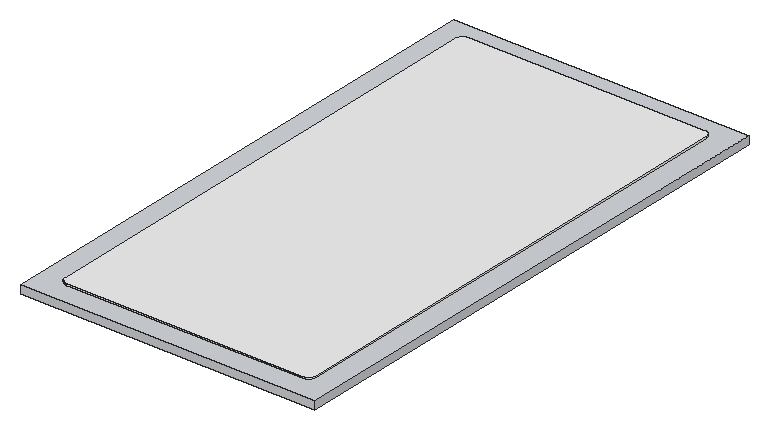
Revit family
Parameters (values of type "#89W")
  ecoScorecard = "http://exceldryer.ecoscorecard.com"
  Warranty URL = "http://www.exceldryer.com/pdfs/csispecification9-09.rtf"
  Warranty Duration (Years) = "5 years"  # constant formula
  Unit Width = 16"  # constant formula
  Unit Height = 32"  # constant formula
  Unit Depth = 1/16"  # constant formula
  URL = "http://www.exceldryer.com"
  Time Cycle = "Automatic"  # constant formula
  Texture = ""
  Technical Information = "http://www.exceldryer.com/pdfs/XleratorSpecificationSheet.pdf"
  Subcategory = "Hand Dryers"  # constant formula
  Shipping Weight = ""
  SMARTBIM URL = "http://www.SMARTBIM.com"
  SMARTBIM Object Version = 3  # constant formula
  SMARTBIM Object Created By = "SMARTBIM, LLC"  # constant formula
  SMARTBIM Contact = "mailto:SMARTBIM@SMARTBIM.com"
  Product Page URL = "http://www.exceldryer.com/products_xlerator.php"
  Model = "#89W"
  Manufacturer Toll Free Phone = "800-255-9235"  # constant formula
  Manufacturer Phone = "1-413-525-4531"  # constant formula
  Manufacturer Fax = "1-413-525-2853"  # constant formula
  Manufacturer Email = "mailto:sales@exceldryer.com"
  Manufacturer Address = "357 Chestnut St. P. O. Box 365, East Longmeadow, MA 01028"  # constant formula
  Manufacturer = "Excel Dryer, Inc."  # constant formula
  Maintenance URL = "http://www.exceldryer.com/pdfs/XleratorMasterSpec.pdf"
  Installation URL = "http://www.exceldryer.com/pdfs/XleratorMasterSpec.pdf"
  Green Building-LEED = "http://www.exceldryer.com/PressKit/Green.php"
  Description = "Wall Guard White"
  Default Elevation = 48"
  Cover Material = "Anti-Microbial Plastic"  # constant formula
  Cover Finish = White
  Cost Savings Analysis = "http://www.exceldryer.com/calculator.php"
  Cost Info = "http://www.exceldryer.com/contact_us.php"
  Color Availability = ""
  Category = "Toilet Accessories"  # constant formula
  Button Finish = Chrome Plated
  Assembly Code = "C1030210"
  ADA Compliance = "http://www.exceldryer.com/PDFs/XleratorRecessedKitSpec.pdf"
  95 CSI = "10811"  # constant formula
  04 CSI = "10 28 13"  # constant formula
Types (3): name | Model | Description | Cover Finish
  (no name) | "#89W" | "Wall Guard White" | White
  #89B | "#89B" | "Wall Guard Black" | Black
  #89W | "#89W" | "Wall Guard White" | White
Reference planes (in)
  plane 1 "Center (Front/Back)": y = 0
  plane 2: z = 0
  plane 3 "Center (Left/Right)": x = 0
  plane 4: z = 4
  plane 5: z = 7.125
  plane 6: z = -3.375
  plane 7: y = 16
  plane 8: y = -16
  plane 9: z = 0.0625
  plane 10: x = 8
  plane 11: x = -8
Forms (in)
  Extrusion 1, solid
    sketch origin (0, 0, 0) x (1, 0, 0) y (0, 1, 0)
      loop
        line (-9.31825, 17.05042) -> (-9.31825, -17.44694) -> (9.45043, -17.44694) -> (9.45043, 17.05042) -> (-9.31825, 17.05042)
    from 0 to -0.50871
Dimensions and locks (in)
  Extrusion 1 to plane 4 = 4"
  plane 5 to Extrusion 1 = 7 1/8"
  level to plane 6 = 3 3/8"
  equal spacing: plane 7, plane 1 "Center (Front/Back)", plane 8
  "Unit Height": plane 7 to plane 8
  "Unit Depth": plane 9 to Extrusion 1
  "Unit Width": plane 11 to plane 10
  equal spacing: plane 11, plane 3 "Center (Left/Right)", plane 10
  aligned and locked: plane 2 to Extrusion 1
  aligned and locked: level to Extrusion 1
Automatic sketch dimensions
  Extrusion 1 sketch curve to Extrusion 1 sketch curve = 34.49736"
  Extrusion 1 sketch curve to Extrusion 1 sketch curve = 18.76868"
Nested families (in)
  nested 1: "XChanger" at (0, 0, 0), type "001"
    with Cover Finish Chrome Plated, Button Finish Chrome Plated
Definition of nested family "XChanger"
  Parameters (values of type "001")
    Width = 16"
    Height = 1/16"
    Depth = 32"
    Cover Finish [instance] = Chrome Plated
    Button Finish [instance] = Chrome Plated
    Assembly Code = ""
  Reference planes (in)
    plane 1 "Center (Front/Back)": y = 0
    plane 2: z = 0
    plane 3 "Center (Left/Right)": x = 0
    plane 4: x = 8
    plane 5: x = -8
    plane 6: y = -16
    plane 7: y = 16
    plane 8: z = 0.0625
    plane 9: z = 0.03125
  Forms (in)
    Extrusion 1, solid, material "Chrome Plated" <- "Cover Finish"
      sketch origin (0, 0, 0) x (1, 0, 0) y (0, 1, 0)
        loop
          arc (-7.5, 16) -> (-7.85355, 15.85355) -> (-8, 15.5) r 0.5
          line (-8, 15.5) -> (-8, -15.5)
          arc (-8, -15.5) -> (-7.85355, -15.85355) -> (-7.5, -16) r 0.5
          line (-7.5, -16) -> (7.5, -16)
          arc (7.5, -16) -> (7.85355, -15.85355) -> (8, -15.5) r 0.5
          line (8, -15.5) -> (8, 15.5)
          arc (8, 15.5) -> (7.85355, 15.85355) -> (7.5, 16) r 0.5
          line (7.5, 16) -> (-7.5, 16)
      from 0 to 0.0625
  Lines and regions (in)
    model lines
      curve 1: line (-7.25, 15.5, 0.0625) -> (-7.25, -15.45, 0.0625)
      curve 2: line (-6.25, 15.5, 0.0625) -> (-6.25, -15.45, 0.0625)
      curve 3: line (-2.75, 15.5, 0.0625) -> (-2.75, -15.45, 0.0625)
      curve 4: line (-1.75, 15.5, 0.0625) -> (-1.75, -15.45, 0.0625)
      curve 5: line (1.75, 15.5, 0.0625) -> (1.75, -15.45, 0.0625)
      curve 6: line (2.75, 15.5, 0.0625) -> (2.75, -15.45, 0.0625)
      curve 7: line (6.25, 15.5, 0.0625) -> (6.25, -15.45, 0.0625)
      curve 8: line (7.25, 15.5, 0.0625) -> (7.25, -15.45, 0.0625)
      curve 9: line (7.25, -15.45, 0.0625) -> (6.25, -15.45, 0.0625)
      curve 10: line (2.75, -15.45, 0.0625) -> (1.75, -15.45, 0.0625)
      curve 11: line (-1.75, -15.45, 0.0625) -> (-2.75, -15.45, 0.0625)
      curve 12: line (-6.25, -15.45, 0.0625) -> (-7.25, -15.45, 0.0625)
      curve 13: line (7.25, 15.45, 0.0625) -> (6.25, 15.45, 0.0625)
      curve 14: line (2.75, 15.45, 0.0625) -> (1.75, 15.45, 0.0625)
      curve 15: line (-1.75, 15.45, 0.0625) -> (-2.75, 15.45, 0.0625)
      curve 16: line (-6.25, 15.45, 0.0625) -> (-7.25, 15.45, 0.0625)
  Dimensions and locks (in)
    equal spacing: plane 7, plane 1 "Center (Front/Back)", plane 6
    "Depth": plane 7 to plane 6
    equal spacing: plane 5, plane 3 "Center (Left/Right)", plane 4
    "Width": plane 5 to plane 4
    "Height": plane 8 to level
    equal spacing: plane 8, plane 9, level
    aligned and locked: level to plane 2
    aligned and locked: Extrusion 1 to plane 6
  Automatic sketch dimensions
    plane 5 to curve 1 = 3/4"
    curve 1 to curve 2 = 1"
    curve 3 to plane 3 "Center (Left/Right)" = 2 3/4"
    curve 3 to curve 4 = 1"
    plane 3 "Center (Left/Right)" to curve 5 = 1 3/4"
    curve 5 to curve 6 = 1"
    curve 7 to plane 4 = 1 3/4"
    curve 8 to plane 4 = 3/4"
    Extrusion 1 sketch curve to plane 5 = 0"
    Extrusion 1 sketch curve to plane 7 = 0"
    Extrusion 1 sketch curve to plane 6 = 0"
    Extrusion 1 sketch curve to plane 4 = 0"
    plane 5 to Extrusion 1 sketch curve = 1/2"  (x2)
    Extrusion 1 sketch curve to plane 4 = 1/2"  (x2)
    curve 16 to Extrusion 1 = 3/4"
    curve 12 to Extrusion 1 = 3/4"
    curve 12 to curve 12 = 1"
    curve 16 to curve 16 = 1"
    curve 15 to Extrusion 1 = 0.55"
    curve 16 to curve 15 = 3 1/2"
    curve 11 to Extrusion 1 = 0.55"
    curve 12 to curve 11 = 3 1/2"
    curve 15 to curve 15 = 1"
    curve 11 to curve 11 = 1"
    curve 14 to Extrusion 1 = 0.55"
    curve 15 to curve 14 = 3 1/2"
    curve 10 to Extrusion 1 = 0.55"
    curve 11 to curve 10 = 3 1/2"
    curve 14 to curve 14 = 1"
    curve 10 to curve 10 = 1"
    curve 9 to Extrusion 1 = 1 3/4"
    curve 13 to Extrusion 1 = 0.55"
    curve 13 to Extrusion 1 = 1 3/4"
    curve 13 to Extrusion 1 = 3/4"
    curve 9 to Extrusion 1 = 3/4"
    curve 12 to Extrusion 1 = 0.55"
    curve 16 to Extrusion 1 = 0.55"
    curve 3 to plane 7 = 1/2"
    curve 6 to plane 7 = 1/2"
    curve 2 to plane 7 = 1/2"
    curve 7 to plane 7 = 1/2"
    curve 5 to plane 7 = 1/2"
    curve 4 to plane 7 = 1/2"
    curve 8 to plane 7 = 1/2"
    curve 1 to plane 7 = 1/2"
    plane 6 to curve 7 = 0.55"
    plane 6 to curve 4 = 0.55"
    plane 6 to curve 3 = 0.55"
    plane 6 to curve 5 = 0.55"
    plane 6 to curve 2 = 0.55"
    plane 6 to curve 6 = 0.55"
    plane 6 to curve 1 = 0.55"
    plane 6 to curve 8 = 0.55"
    curve 9 to Extrusion 1 = 0.55"
